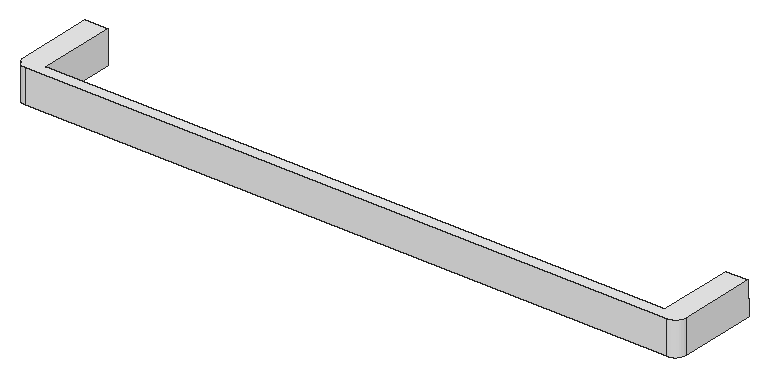
Revit family "Spec Equip_TowelRail_Argent_Mondrian Neu 600", category Specialty Equipment, Revit 2016
Family settings
  Part Type = Normal
  Round Connector Dimension = Use Diameter
  OmniClass Number = 23.40.20.21
  OmniClass Title = Toilet and Bath Specialties
  Work Plane-Based = No
  Always vertical = Yes
  Cut with Voids When Loaded = Yes
  Shared = No
  Room Calculation Point = No
Parameters (values of type "Chrome")
  Waste Connection = no
  WFU = 0
  Vent Connection = no
  URL = "https://www.argentaust.com.au/"
  Type Comments = "Chrome Finish"
  ModifiedIssue_ANZRS = 20190503
  Model = "AR93624"  # constant formula
  Manufacturer_URL__Product Specific = "https://www.argentaust.com.au/argent-accessories-towel-rails-mondrian-neu-600mm-towel-rail?item=9919"
  Manufacturer_Spec Code = Model  # "AR93624"
  Manufacturer_Overall Width = 600 mm  # constant formula
  Manufacturer_Overall Height = 30 mm  # constant formula
  Manufacturer_Overall Depth = 80 mm  # constant formula
  Manufacturer_Height From FFL [instance] = 1050 mm
  Manufacturer = "Argent"  # constant formula
  Keynote = ""
  HWFU = 0
  HW Connection = no
  Description = "Mondrian Neu Towel Rail 600"  # constant formula
  CreatedBy_ANZRS = "IGS BIM Solutions"  # constant formula
  CreatedByURL_ANZRS = "http://www.igsgroup.com.au"
  Cost = 0
  CWFU = 0
  CW Connection = no
  Body Material = z_Argent_Chrome
  Assembly Code = ""
Reference planes
  plane 1 "Ref. Level": z = 0
  plane 2 "Center (Left/Right)": x = -4.48
  plane 3 "Left": x = -304.48
  plane 4 "Right": x = 295.52
  plane 5 "Center (Front/Back)": y = -400.5
  plane 6 "Back": y = -360.5
  plane 7 "Bottom": z = 1035
  plane 8 "Front": y = -440.5
  plane 9 "Top": z = 1065
  plane 10 "Left Offset": x = -284.48
  plane 11 "Right Offset": x = 275.52
  plane 12 "Center elevation": z = 1050
Forms (mm)
  Extrusion 1, solid, material "z_Argent_Chrome" <- "Body Material"
    sketch origin (-189.564, -1524, 1035) x (0, -1, 0) y (1, 0, 0)
      loop
        line (-1163.5, -114.916) -> (-1093.5, -114.916)
        arc (-1093.5, -114.916) -> (-1086.429, -111.987) -> (-1083.5, -104.916) r 10
        line (-1083.5, -104.916) -> (-1083.5, -94.916) -> (-1163.5, -94.916) -> (-1163.5, -114.916)
    from 0 to -30
  Extrusion 2, solid, material "z_Argent_Chrome" <- "Body Material"
    sketch origin (180.604, -1524, 1035) x (0, 1, 0) y (-1, 0, 0)
      loop
        line (1163.5, -114.916) -> (1163.5, -94.916) -> (1083.5, -94.916) -> (1083.5, -104.916)
        arc (1083.5, -104.916) -> (1086.429, -111.987) -> (1093.5, -114.916) r 10
        line (1093.5, -114.916) -> (1163.5, -114.916)
    from 0 to -30
  Extrusion 3, solid, material "z_Argent_Chrome" <- "Body Material"
    sketch origin (-189.564, -1524, 1035) x (0, -1, 0) y (1, 0, 0)
      loop
        line (-1083.5, 465.084) -> (-1093.5, 465.084) -> (-1093.5, -94.916) -> (-1083.5, -94.916) -> (-1083.5, 465.084)
    from 0 to -30
Cuts and joins
  joined: Extrusion 1, Extrusion 2, Extrusion 3
Lines and regions (mm)
  Masking region 1
    outline origin (0, 0, 1065) x (0, 1, 0) y (-1, 0, 0)
      loop
        line (-360.5, 304.48) -> (-430.5, 304.48)
        arc (-430.5, 304.48) -> (-437.571, 301.551) -> (-440.5, 294.48) r 10
        line (-440.5, 294.48) -> (-440.5, -285.52)
        arc (-440.5, -285.52) -> (-437.571, -292.591) -> (-430.5, -295.52) r 10
        line (-430.5, -295.52) -> (-360.5, -295.52) -> (-360.5, -275.52) -> (-430.5, -275.52) -> (-430.5, 284.48) -> (-360.5, 284.48) -> (-360.5, 304.48)
  Masking region 2
    outline origin (0, -440.5, 0) x (0, 0, 1) y (-1, 0, 0)
      loop
        line (1065, 304.48) -> (1035, 304.48) -> (1035, -295.52) -> (1065, -295.52) -> (1065, 304.48)
  Masking region 3
    outline origin (295.52, 0, 0) x (0, 1, 0) y (0, 0, 1)
      loop
        line (-360.5, 1035) -> (-360.5, 1065) -> (-440.5, 1065) -> (-440.5, 1035) -> (-360.5, 1035)
Text (mm)
  text "Disclaimer:\n\nDue to ongoing product development and manufacturing evolution, product details are subject to change without notice. Please refer to product technical data sheets on the manufacturer’s website for the most current product information. Please allow a +/- 5mm manufacturing tolerance for dimensions and set-outs shown in product literature." at (372.754, -314.392, 0), in view "Ref. Level_Instruction"
Dimensions and locks
  "Manufacturer_Overall Height": plane 9 "Top" to plane 7 "Bottom"
  equal spacing: plane 3 "Left", plane 2 "Center (Left/Right)", plane 4 "Right"
  "Manufacturer_Overall Width": plane 3 "Left" to plane 4 "Right"
  "Manufacturer_Overall Depth": plane 8 "Front" to plane 6 "Back"
  equal spacing: plane 8 "Front", plane 5 "Center (Front/Back)", plane 6 "Back"
  locked: plane 3 "Left" to plane 10 "Left Offset" at 20
  locked: plane 11 "Right Offset" to plane 4 "Right" at 20
  equal spacing: plane 9 "Top", plane 12 "Center elevation", plane 7 "Bottom"
  "Manufacturer_Height From FFL": plane 12 "Center elevation" to plane 1 "Ref. Level"
  aligned and locked: Extrusion 1 sketch curve to plane 3 "Left"
  aligned and locked: Extrusion 1 sketch curve to plane 10 "Left Offset"
  aligned and locked: Extrusion 1 sketch curve to plane 6 "Back"
  aligned and locked: Extrusion 1 sketch curve to plane 8 "Front"
  aligned and locked: Extrusion 1 to plane 9 "Top"
  aligned and locked: plane 6 "Back" to Extrusion 2 sketch curve
  aligned and locked: plane 11 "Right Offset" to Extrusion 2 sketch curve
  aligned and locked: Extrusion 2 sketch curve to plane 4 "Right"
  aligned and locked: plane 8 "Front" to Extrusion 2 sketch curve
  aligned and locked: Extrusion 3 sketch curve to plane 8 "Front"
  aligned and locked: Extrusion 3 sketch curve to plane 10 "Left Offset"
  aligned and locked: plane 11 "Right Offset" to Extrusion 3 sketch curve
  aligned and locked: Extrusion 3 to plane 9 "Top"
  aligned and locked: plane 3 "Left" to Masking region 1 sketch curve
  aligned and locked: plane 6 "Back" to Masking region 1 sketch curve
  aligned and locked: plane 10 "Left Offset" to Masking region 1 sketch curve
  aligned and locked: plane 8 "Front" to Masking region 1 sketch curve
  aligned and locked: Masking region 2 sketch curve to plane 3 "Left"
  aligned and locked: Masking region 2 sketch curve to plane 4 "Right"
  aligned and locked: Masking region 3 sketch curve to plane 7 "Bottom"
  aligned and locked: plane 6 "Back" to Masking region 3 sketch curve
  aligned and locked: plane 8 "Front" to Masking region 3 sketch curve
  aligned and locked: plane 9 "Top" to Masking region 3 sketch curve
Automatic sketch dimensions
  plane 8 "Front" to Extrusion 1 sketch curve = 10 mm
  plane 4 "Right" to Extrusion 2 sketch curve = 10 mm
  plane 8 "Front" to Extrusion 3 sketch curve = 10 mm
  Masking region 1 sketch curve to plane 11 "Right Offset" = 0 mm
  Masking region 1 sketch curve to plane 4 "Right" = 0 mm
  Masking region 1 sketch curve to plane 6 "Back" = 0 mm
  Masking region 1 sketch curve to plane 8 "Front" = 10 mm  (x2)
  Masking region 1 sketch curve to Masking region 1 sketch curve = 0 mm
  plane 9 "Top" to Masking region 2 sketch curve = 0 mm
  Masking region 2 sketch curve to plane 7 "Bottom" = 0 mm
